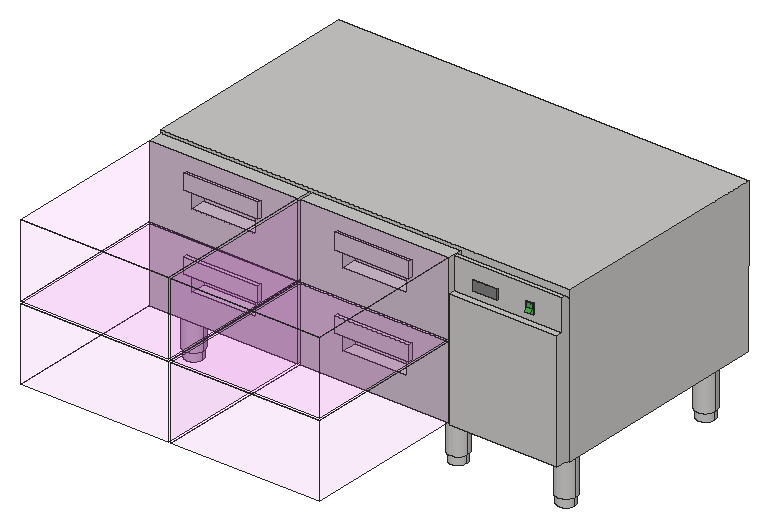
Revit family "QF_ELECTROLUXPROFESSIONAL_371295_E7TTBECOMIN", category Specialty Equipment, Revit 2023
Family settings
  Round Connector Dimension = Use Diameter
  Part Type = Normal
  Work Plane-Based = No
  Enable Cutting in Views = No
  Always vertical = Yes
  Cut with Voids When Loaded = No
  Maintain Annotation Orientation = No
  Shared = No
  Room Calculation Point = No
Parameters
  Weight = 95.00 kg
  Watts = 0 W
  Volts = 0 V
  URL Manufacturer = ""
  URL = ""
  Steam Supply Size = 0 mm
  Steam Supply Minimum Pressure = 0.0 Pa
  Steam Supply Maximum Pressure = 0.0 Pa
  Steam Pounds per Hour = 0
  Refrigeration Suction Line Size = 0 mm
  Refrigeration Liquid Line Size = 0 mm
  Refrigerant Compressor Remote = yes
  Manufacturer = ""
  Phase = 0
  Model = ""
  Length Actual = 1200 mm  # constant formula
  Item Number = ""
  Hot Water Size = 0 mm
  Height Actual = 600 mm  # constant formula
  HP = "0.5 HP"
  Gas Size = 0 mm
  Gas KW = 0
  Gas Input Pressure = 0 W
  Direct Waste Size = 12.7 mm
  Description = ""
  Depth Actual = 700 mm  # constant formula
  Default Elevation = 0 mm
  Cycle = 0 Hz
  Condensate Return Size = 0 mm
  Compressed Air Volume = 0.0 L/s
  Compressed Air Size = 0 mm
  Compressed Air Pressure = 0.0 Pa
  Cold Water Size = 0 mm
  Accessory = yes
Reference planes
  plane 1 "Center X": y = 0
  plane 2: z = 0
  plane 3 "Centro (Sinistra/Destra)": x = 0
  plane 4 "BACK": y = 350
  plane 5 "FRONT": y = -350
  plane 6 "LEFT": x = -600
  plane 7 "RIGHT": x = 600
  plane 8: y = -303
  plane 9: y = -348
  plane 10: x = -545
  plane 11: x = 545
  plane 12: x = 229
  plane 13: y = 262
  plane 14: y = -249
  plane 15: x = 286
  plane 16: x = -599
  plane 17: x = 599
  plane 18: y = 190
  plane 19: x = 558
  plane 20: z = 425
  plane 21: z = 422.5
  plane 22: z = 427.5
  plane 23: z = 150
  plane 24 "TOP": z = 600
Forms (mm)
  Extrusion 1, solid, material "QF_Finishes_Stainless Steel"
    sketch origin (0, 0, 650) x (-1, 0, 0) y (0, -1, 0)
      loop
        line (599, -350) -> (599, 303) -> (-599, 303) -> (-599, -350) -> (599, -350)
    from -500 to -50
  Extrusion 2, solid, material "QF_Finishes_Stainless Steel"
    sketch origin (0, 0, 0) x (1, 0, 0) y (0, 1, 0)
      loop
        circle (558, 190) r 6
    from 189.987 to 200
  Extrusion 3, solid, material "QF_Door-Drawer Clearances"
    sketch origin (200, -348, -50) x (1, 0, 0) y (0, 0, 1)
      loop
        line (-795, 640.994) -> (-795, 427.5) -> (-360.999, 427.5) -> (-360.999, 640.994) -> (-795, 640.994)
    from 0 to 473.5
  Extrusion 4, solid, material "QF_Door-Drawer Clearances"
    sketch origin (642.001, -342.999, -50) x (1, 0, 0) y (0, 0, 1)
      loop
        line (-795, 640.994) -> (-795, 427.5) -> (-360.999, 427.5) -> (-360.999, 640.994) -> (-795, 640.994)
    from 5.001 to 478.501
  Extrusion 5, solid, material "QF_Door-Drawer Clearances"
    sketch origin (200, -348, -268.494) x (1, 0, 0) y (0, 0, 1)
      loop
        line (-795, 640.994) -> (-795, 427.5) -> (-360.999, 427.5) -> (-360.999, 640.994) -> (-795, 640.994)
    from 0 to 473.5
  Extrusion 6, solid, material "QF_Door-Drawer Clearances"
    sketch origin (642.001, -342.999, -268.494) x (1, 0, 0) y (0, 0, 1)
      loop
        line (-795, 640.994) -> (-795, 427.5) -> (-360.999, 427.5) -> (-360.999, 640.994) -> (-795, 640.994)
    from 5.001 to 478.501
  Extrusion 7, solid, material "QF_Finishes_Stainless Steel"
    sketch origin (200, -342.999, -50) x (-1, 0, 0) y (0, 0, 1)
      loop
        line (795, 427.5) -> (795, 640.994) -> (360.999, 640.994) -> (360.999, 427.5) -> (795, 427.5)
      loop
        line (671.3, 506.706) -> (671.3, 585) -> (484.699, 585) -> (484.699, 506.706) -> (671.3, 506.706)
    from -5.001 to 39.999
  Extrusion 8, solid, material "QF_Finishes_Stainless Steel"
    sketch origin (598, 66.551, -50) x (0, 1, 0) y (0, 0, 1)
      loop
        line (-369.551, 629.527) -> (-386.314, 640.994) -> (-397.65, 640.994) -> (-397.65, 549.796) -> (-414.551, 549.796) -> (-414.551, 204.796) -> (-384.714, 204.796) -> (-374.993, 200) -> (-369.551, 200) -> (-369.551, 629.527)
    from 0 to -313
  Extrusion 9, solid, material "QF_Finishes_Black"
    sketch origin (582, -331.099, 580.994) x (0, 0, -1) y (1, 0, 0)
      loop
        line (32.198, -86.899) -> (61.199, -86.899) -> (61.199, -64.9) -> (32.198, -64.9) -> (32.198, -86.899)
    from 0 to 1.6
  Extrusion 10, solid, material "QF_Finishes_Grey"
    sketch origin (588, -331.099, 580.994) x (0, 0, -1) y (1, 0, 0)
      loop
        line (32.198, -248.099) -> (61.199, -248.099) -> (61.199, -178.099) -> (32.198, -178.099) -> (32.198, -248.099)
    from 0 to 1.6
  Extrusion 11, solid, material "QF_Finishes_Green"
    sketch origin (517.1, -331.099, 548.796) x (0, 0, -1) y (0, 1, 0)
      loop
        line (2.279, -3.281) -> (14.5, -3.281) -> (25.308, -8.985)
        arc (25.308, -8.985) -> (26.537, -5.394) -> (26.605, -1.6) r 12.221
        line (26.605, -1.6) -> (2.395, -1.6)
        arc (2.395, -1.6) -> (2.308, -2.439) -> (2.279, -3.281) r 12.221
    from -20 to -2
  Extrusion 12, solid, material "QF_Finishes_Stainless Steel"
    sketch origin (200, -348, -50) x (1, 0, 0) y (0, 0, 1)
      loop
        line (-686.3, 598.969) -> (-686.3, 553.969) -> (-469.699, 553.969) -> (-469.699, 598.969) -> (-686.3, 598.969)
    from 0 to 10
  Extrusion 13, solid, material "QF_Finishes_Stainless Steel"
    sketch origin (642.001, -342.999, -50) x (-1, 0, 0) y (0, 0, 1)
      loop
        line (795, 427.5) -> (795, 640.994) -> (360.999, 640.994) -> (360.999, 427.5) -> (795, 427.5)
      loop
        line (671.3, 506.706) -> (671.3, 585) -> (484.699, 585) -> (484.699, 506.706) -> (671.3, 506.706)
    from -5.001 to 39.999
  Extrusion 14, solid, material "QF_Finishes_Stainless Steel"
    sketch origin (642.001, -348, -50) x (1, 0, 0) y (0, 0, 1)
      loop
        line (-686.3, 598.969) -> (-686.3, 553.969) -> (-469.699, 553.969) -> (-469.699, 598.969) -> (-686.3, 598.969)
    from 0 to 10
  Extrusion 15, solid, material "QF_Finishes_Stainless Steel"
    sketch origin (200, -342.999, -268.494) x (-1, 0, 0) y (0, 0, 1)
      loop
        line (795, 427.5) -> (795, 640.994) -> (360.999, 640.994) -> (360.999, 427.5) -> (795, 427.5)
      loop
        line (671.3, 506.706) -> (671.3, 585) -> (484.699, 585) -> (484.699, 506.706) -> (671.3, 506.706)
    from -5.001 to 39.999
  Extrusion 16, solid, material "QF_Finishes_Stainless Steel"
    sketch origin (200, -348, -268.494) x (1, 0, 0) y (0, 0, 1)
      loop
        line (-686.3, 598.969) -> (-686.3, 553.969) -> (-469.699, 553.969) -> (-469.699, 598.969) -> (-686.3, 598.969)
    from 0 to 10
  Extrusion 17, solid, material "QF_Finishes_Stainless Steel"
    sketch origin (642.001, -342.999, -268.494) x (-1, 0, 0) y (0, 0, 1)
      loop
        line (795, 427.5) -> (795, 640.994) -> (360.999, 640.994) -> (360.999, 427.5) -> (795, 427.5)
      loop
        line (671.3, 506.706) -> (671.3, 585) -> (484.699, 585) -> (484.699, 506.706) -> (671.3, 506.706)
    from -5.001 to 39.999
  Extrusion 18, solid, material "QF_Finishes_Stainless Steel"
    sketch origin (642.001, -348, -268.494) x (1, 0, 0) y (0, 0, 1)
      loop
        line (-686.3, 598.969) -> (-686.3, 553.969) -> (-469.699, 553.969) -> (-469.699, 598.969) -> (-686.3, 598.969)
    from 0 to 10
Lines and regions (mm)
  Split face 1
    outline origin (588, -332.699, 580.994) x (0, 0, -1) y (1, 0, 0)
      loop
        line (37.198, -238.099) -> (52.198, -238.099) -> (52.198, -188.099) -> (37.198, -188.099) -> (37.198, -238.099)
  Split face 2
    outline origin (588, -332.699, 580.994) x (0, 0, -1) y (1, 0, 0)
      loop
        circle (44.698, -185.099) r 1.2
  Split face 3
    outline origin (588, -332.699, 580.994) x (0, 0, -1) y (1, 0, 0)
      loop
        circle (39.698, -185.099) r 1.2
  Split face 4
    outline origin (588, -332.699, 580.994) x (0, 0, -1) y (1, 0, 0)
      loop
        circle (49.698, -185.099) r 1.2
  Split face 5
    outline origin (588, -332.699, 580.994) x (0, 0, -1) y (1, 0, 0)
      loop
        circle (39.698, -241.099) r 1.2
  Split face 6
    outline origin (588, -332.699, 580.994) x (0, 0, -1) y (1, 0, 0)
      loop
        circle (44.698, -241.099) r 1.2
  Split face 7
    outline origin (588, -332.699, 580.994) x (0, 0, -1) y (1, 0, 0)
      loop
        circle (49.698, -241.099) r 1.2
  Split face 8
    outline origin (588, -332.699, 580.994) x (0, 0, -1) y (1, 0, 0)
      loop
        line (59.151, -238.099) -> (59.151, -227.099) -> (54.151, -227.099) -> (54.151, -238.099) -> (59.151, -238.099)
  Split face 9
    outline origin (588, -332.699, 580.994) x (0, 0, -1) y (1, 0, 0)
      loop
        line (54.151, -225.099) -> (59.151, -225.099) -> (59.151, -214.099) -> (54.151, -214.099) -> (54.151, -225.099)
  Split face 10
    outline origin (601, -332.699, 580.994) x (0, 0, -1) y (1, 0, 0)
      loop
        line (54.151, -225.099) -> (59.151, -225.099) -> (59.151, -214.099) -> (54.151, -214.099) -> (54.151, -225.099)
  Split face 11
    outline origin (614, -332.699, 580.994) x (0, 0, -1) y (1, 0, 0)
      loop
        line (54.151, -225.099) -> (59.151, -225.099) -> (59.151, -214.099) -> (54.151, -214.099) -> (54.151, -225.099)
  Split face 12
    outline origin (600.5, -348, 362.291) x (0, 0, -1) y (1, 0, 0)
      loop
        arc (-85.025, -282.599) -> (-81.004, -278.61) -> (-85.004, -274.599) r 4
        line (-85.004, -274.599) -> (-117.004, -274.599)
        arc (-117.004, -274.599) -> (-121.004, -278.61) -> (-116.984, -282.599) r 4
        line (-116.984, -282.599) -> (-85.025, -282.599)
  Split face 13
    outline origin (612.5, -348, 362.291) x (0, 0, -1) y (1, 0, 0)
      loop
        arc (-85.025, -282.599) -> (-81.004, -278.61) -> (-85.004, -274.599) r 4
        line (-85.004, -274.599) -> (-117.004, -274.599)
        arc (-117.004, -274.599) -> (-121.004, -278.61) -> (-116.984, -282.599) r 4
        line (-116.984, -282.599) -> (-85.025, -282.599)
  Split face 14
    outline origin (624.5, -348, 362.291) x (0, 0, -1) y (1, 0, 0)
      loop
        arc (-85.025, -282.599) -> (-81.004, -278.61) -> (-85.004, -274.599) r 4
        line (-85.004, -274.599) -> (-117.004, -274.599)
        arc (-117.004, -274.599) -> (-121.004, -278.61) -> (-116.984, -282.599) r 4
        line (-116.984, -282.599) -> (-85.025, -282.599)
  Split face 15
    outline origin (636.397, -348, 362.291) x (0, 0, -1) y (1, 0, 0)
      loop
        arc (-85.025, -282.599) -> (-81.004, -278.61) -> (-85.004, -274.599) r 4
        line (-85.004, -274.599) -> (-117.004, -274.599)
        arc (-117.004, -274.599) -> (-121.004, -278.61) -> (-116.984, -282.599) r 4
        line (-116.984, -282.599) -> (-85.025, -282.599)
  Split face 16
    outline origin (648.396, -348, 362.291) x (0, 0, -1) y (1, 0, 0)
      loop
        arc (-85.025, -282.599) -> (-81.004, -278.61) -> (-85.004, -274.599) r 4
        line (-85.004, -274.599) -> (-117.004, -274.599)
        arc (-117.004, -274.599) -> (-121.004, -278.61) -> (-116.984, -282.599) r 4
        line (-116.984, -282.599) -> (-85.025, -282.599)
  Split face 17
    outline origin (660.396, -348, 362.291) x (0, 0, -1) y (1, 0, 0)
      loop
        arc (-85.025, -282.599) -> (-81.004, -278.61) -> (-85.004, -274.599) r 4
        line (-85.004, -274.599) -> (-117.004, -274.599)
        arc (-117.004, -274.599) -> (-121.004, -278.61) -> (-116.984, -282.599) r 4
        line (-116.984, -282.599) -> (-85.025, -282.599)
  Split face 18
    outline origin (672.396, -348, 362.291) x (0, 0, -1) y (1, 0, 0)
      loop
        arc (-85.025, -282.599) -> (-81.004, -278.61) -> (-85.004, -274.599) r 4
        line (-85.004, -274.599) -> (-117.004, -274.599)
        arc (-117.004, -274.599) -> (-121.004, -278.61) -> (-116.984, -282.599) r 4
        line (-116.984, -282.599) -> (-85.025, -282.599)
  Split face 19
    outline origin (684.397, -348, 362.291) x (0, 0, -1) y (1, 0, 0)
      loop
        arc (-85.025, -282.599) -> (-81.004, -278.61) -> (-85.004, -274.599) r 4
        line (-85.004, -274.599) -> (-117.004, -274.599)
        arc (-117.004, -274.599) -> (-121.004, -278.61) -> (-116.984, -282.599) r 4
        line (-116.984, -282.599) -> (-85.025, -282.599)
  Split face 20
    outline origin (696.396, -348, 362.291) x (0, 0, -1) y (1, 0, 0)
      loop
        arc (-85.025, -282.599) -> (-81.004, -278.61) -> (-85.004, -274.599) r 4
        line (-85.004, -274.599) -> (-117.004, -274.599)
        arc (-117.004, -274.599) -> (-121.004, -278.61) -> (-116.984, -282.599) r 4
        line (-116.984, -282.599) -> (-85.025, -282.599)
  Split face 21
    outline origin (703.396, -348, 362.291) x (0, 0, -1) y (1, 0, 0)
      loop
        arc (-85.025, -242.399) -> (-81.004, -238.41) -> (-85.004, -234.4) r 4
        line (-85.004, -234.4) -> (-117.004, -234.4)
        arc (-117.004, -234.4) -> (-121.004, -238.41) -> (-116.984, -242.399) r 4
        line (-116.984, -242.399) -> (-85.025, -242.399)
  Split face 22
    outline origin (715.396, -348, 362.291) x (0, 0, -1) y (1, 0, 0)
      loop
        arc (-85.025, -242.399) -> (-81.004, -238.41) -> (-85.004, -234.4) r 4
        line (-85.004, -234.4) -> (-117.004, -234.4)
        arc (-117.004, -234.4) -> (-121.004, -238.41) -> (-116.984, -242.399) r 4
        line (-116.984, -242.399) -> (-85.025, -242.399)
  Split face 23
    outline origin (727.396, -348, 362.291) x (0, 0, -1) y (1, 0, 0)
      loop
        arc (-85.025, -242.399) -> (-81.004, -238.41) -> (-85.004, -234.4) r 4
        line (-85.004, -234.4) -> (-117.004, -234.4)
        arc (-117.004, -234.4) -> (-121.004, -238.41) -> (-116.984, -242.399) r 4
        line (-116.984, -242.399) -> (-85.025, -242.399)
  Split face 24
    outline origin (739.396, -348, 362.291) x (0, 0, -1) y (1, 0, 0)
      loop
        arc (-85.025, -242.399) -> (-81.004, -238.41) -> (-85.004, -234.4) r 4
        line (-85.004, -234.4) -> (-117.004, -234.4)
        arc (-117.004, -234.4) -> (-121.004, -238.41) -> (-116.984, -242.399) r 4
        line (-116.984, -242.399) -> (-85.025, -242.399)
  Split face 25
    outline origin (751.396, -348, 362.291) x (0, 0, -1) y (1, 0, 0)
      loop
        arc (-85.025, -242.399) -> (-81.004, -238.41) -> (-85.004, -234.4) r 4
        line (-85.004, -234.4) -> (-117.004, -234.4)
        arc (-117.004, -234.4) -> (-121.004, -238.41) -> (-116.984, -242.399) r 4
        line (-116.984, -242.399) -> (-85.025, -242.399)
  Split face 26
    outline origin (763.396, -348, 362.291) x (0, 0, -1) y (1, 0, 0)
      loop
        arc (-85.025, -242.399) -> (-81.004, -238.41) -> (-85.004, -234.4) r 4
        line (-85.004, -234.4) -> (-117.004, -234.4)
        arc (-117.004, -234.4) -> (-121.004, -238.41) -> (-116.984, -242.399) r 4
        line (-116.984, -242.399) -> (-85.025, -242.399)
  Split face 27
    outline origin (775.396, -348, 362.291) x (0, 0, -1) y (1, 0, 0)
      loop
        arc (-85.025, -242.399) -> (-81.004, -238.41) -> (-85.004, -234.4) r 4
        line (-85.004, -234.4) -> (-117.004, -234.4)
        arc (-117.004, -234.4) -> (-121.004, -238.41) -> (-116.984, -242.399) r 4
        line (-116.984, -242.399) -> (-85.025, -242.399)
  Split face 28
    outline origin (787.396, -348, 362.291) x (0, 0, -1) y (1, 0, 0)
      loop
        arc (-85.025, -242.399) -> (-81.004, -238.41) -> (-85.004, -234.4) r 4
        line (-85.004, -234.4) -> (-117.004, -234.4)
        arc (-117.004, -234.4) -> (-121.004, -238.41) -> (-116.984, -242.399) r 4
        line (-116.984, -242.399) -> (-85.025, -242.399)
  Split face 29
    outline origin (799.396, -348, 362.291) x (0, 0, -1) y (1, 0, 0)
      loop
        arc (-85.025, -242.399) -> (-81.004, -238.41) -> (-85.004, -234.4) r 4
        line (-85.004, -234.4) -> (-117.004, -234.4)
        arc (-117.004, -234.4) -> (-121.004, -238.41) -> (-116.984, -242.399) r 4
        line (-116.984, -242.399) -> (-85.025, -242.399)
  Split face 30
    outline origin (811.396, -348, 362.291) x (0, 0, -1) y (1, 0, 0)
      loop
        arc (-85.025, -242.399) -> (-81.004, -238.41) -> (-85.004, -234.4) r 4
        line (-85.004, -234.4) -> (-117.004, -234.4)
        arc (-117.004, -234.4) -> (-121.004, -238.41) -> (-116.984, -242.399) r 4
        line (-116.984, -242.399) -> (-85.025, -242.399)
  Split face 31
    outline origin (588.5, -348, 362.291) x (0, 0, -1) y (1, 0, 0)
      loop
        arc (-85.025, -282.599) -> (-81.004, -278.61) -> (-85.004, -274.599) r 4
        line (-85.004, -274.599) -> (-117.004, -274.599)
        arc (-117.004, -274.599) -> (-121.004, -278.61) -> (-116.984, -282.599) r 4
        line (-116.984, -282.599) -> (-85.025, -282.599)
  Split face 32
    outline origin (600.5, -348, 317.29) x (0, 0, -1) y (1, 0, 0)
      loop
        arc (-85.025, -282.599) -> (-81.004, -278.61) -> (-85.004, -274.599) r 4
        line (-85.004, -274.599) -> (-117.004, -274.599)
        arc (-117.004, -274.599) -> (-121.004, -278.61) -> (-116.984, -282.599) r 4
        line (-116.984, -282.599) -> (-85.025, -282.599)
  Split face 33
    outline origin (612.5, -348, 317.29) x (0, 0, -1) y (1, 0, 0)
      loop
        arc (-85.025, -282.599) -> (-81.004, -278.61) -> (-85.004, -274.599) r 4
        line (-85.004, -274.599) -> (-117.004, -274.599)
        arc (-117.004, -274.599) -> (-121.004, -278.61) -> (-116.984, -282.599) r 4
        line (-116.984, -282.599) -> (-85.025, -282.599)
  Split face 34
    outline origin (624.5, -348, 317.29) x (0, 0, -1) y (1, 0, 0)
      loop
        arc (-85.025, -282.599) -> (-81.004, -278.61) -> (-85.004, -274.599) r 4
        line (-85.004, -274.599) -> (-117.004, -274.599)
        arc (-117.004, -274.599) -> (-121.004, -278.61) -> (-116.984, -282.599) r 4
        line (-116.984, -282.599) -> (-85.025, -282.599)
  Split face 35
    outline origin (636.397, -348, 317.29) x (0, 0, -1) y (1, 0, 0)
      loop
        arc (-85.025, -282.599) -> (-81.004, -278.61) -> (-85.004, -274.599) r 4
        line (-85.004, -274.599) -> (-117.004, -274.599)
        arc (-117.004, -274.599) -> (-121.004, -278.61) -> (-116.984, -282.599) r 4
        line (-116.984, -282.599) -> (-85.025, -282.599)
  Split face 36
    outline origin (648.396, -348, 317.29) x (0, 0, -1) y (1, 0, 0)
      loop
        arc (-85.025, -282.599) -> (-81.004, -278.61) -> (-85.004, -274.599) r 4
        line (-85.004, -274.599) -> (-117.004, -274.599)
        arc (-117.004, -274.599) -> (-121.004, -278.61) -> (-116.984, -282.599) r 4
        line (-116.984, -282.599) -> (-85.025, -282.599)
  Split face 37
    outline origin (660.396, -348, 317.29) x (0, 0, -1) y (1, 0, 0)
      loop
        arc (-85.025, -282.599) -> (-81.004, -278.61) -> (-85.004, -274.599) r 4
        line (-85.004, -274.599) -> (-117.004, -274.599)
        arc (-117.004, -274.599) -> (-121.004, -278.61) -> (-116.984, -282.599) r 4
        line (-116.984, -282.599) -> (-85.025, -282.599)
  Split face 38
    outline origin (672.396, -348, 317.29) x (0, 0, -1) y (1, 0, 0)
      loop
        arc (-85.025, -282.599) -> (-81.004, -278.61) -> (-85.004, -274.599) r 4
        line (-85.004, -274.599) -> (-117.004, -274.599)
        arc (-117.004, -274.599) -> (-121.004, -278.61) -> (-116.984, -282.599) r 4
        line (-116.984, -282.599) -> (-85.025, -282.599)
  Split face 39
    outline origin (684.397, -348, 317.29) x (0, 0, -1) y (1, 0, 0)
      loop
        arc (-85.025, -282.599) -> (-81.004, -278.61) -> (-85.004, -274.599) r 4
        line (-85.004, -274.599) -> (-117.004, -274.599)
        arc (-117.004, -274.599) -> (-121.004, -278.61) -> (-116.984, -282.599) r 4
        line (-116.984, -282.599) -> (-85.025, -282.599)
  Split face 40
    outline origin (696.396, -348, 317.29) x (0, 0, -1) y (1, 0, 0)
      loop
        arc (-85.025, -282.599) -> (-81.004, -278.61) -> (-85.004, -274.599) r 4
        line (-85.004, -274.599) -> (-117.004, -274.599)
        arc (-117.004, -274.599) -> (-121.004, -278.61) -> (-116.984, -282.599) r 4
        line (-116.984, -282.599) -> (-85.025, -282.599)
  Split face 41
    outline origin (703.396, -348, 317.29) x (0, 0, -1) y (1, 0, 0)
      loop
        arc (-85.025, -242.399) -> (-81.004, -238.41) -> (-85.004, -234.4) r 4
        line (-85.004, -234.4) -> (-117.004, -234.4)
        arc (-117.004, -234.4) -> (-121.004, -238.41) -> (-116.984, -242.399) r 4
        line (-116.984, -242.399) -> (-85.025, -242.399)
  Split face 42
    outline origin (715.396, -348, 317.29) x (0, 0, -1) y (1, 0, 0)
      loop
        arc (-85.025, -242.399) -> (-81.004, -238.41) -> (-85.004, -234.4) r 4
        line (-85.004, -234.4) -> (-117.004, -234.4)
        arc (-117.004, -234.4) -> (-121.004, -238.41) -> (-116.984, -242.399) r 4
        line (-116.984, -242.399) -> (-85.025, -242.399)
  Split face 43
    outline origin (727.396, -348, 317.29) x (0, 0, -1) y (1, 0, 0)
      loop
        arc (-85.025, -242.399) -> (-81.004, -238.41) -> (-85.004, -234.4) r 4
        line (-85.004, -234.4) -> (-117.004, -234.4)
        arc (-117.004, -234.4) -> (-121.004, -238.41) -> (-116.984, -242.399) r 4
        line (-116.984, -242.399) -> (-85.025, -242.399)
  Split face 44
    outline origin (739.396, -348, 317.29) x (0, 0, -1) y (1, 0, 0)
      loop
        arc (-85.025, -242.399) -> (-81.004, -238.41) -> (-85.004, -234.4) r 4
        line (-85.004, -234.4) -> (-117.004, -234.4)
        arc (-117.004, -234.4) -> (-121.004, -238.41) -> (-116.984, -242.399) r 4
        line (-116.984, -242.399) -> (-85.025, -242.399)
  Split face 45
    outline origin (751.396, -348, 317.29) x (0, 0, -1) y (1, 0, 0)
      loop
        arc (-85.025, -242.399) -> (-81.004, -238.41) -> (-85.004, -234.4) r 4
        line (-85.004, -234.4) -> (-117.004, -234.4)
        arc (-117.004, -234.4) -> (-121.004, -238.41) -> (-116.984, -242.399) r 4
        line (-116.984, -242.399) -> (-85.025, -242.399)
  Split face 46
    outline origin (763.396, -348, 317.29) x (0, 0, -1) y (1, 0, 0)
      loop
        arc (-85.025, -242.399) -> (-81.004, -238.41) -> (-85.004, -234.4) r 4
        line (-85.004, -234.4) -> (-117.004, -234.4)
        arc (-117.004, -234.4) -> (-121.004, -238.41) -> (-116.984, -242.399) r 4
        line (-116.984, -242.399) -> (-85.025, -242.399)
  Split face 47
    outline origin (775.396, -348, 317.29) x (0, 0, -1) y (1, 0, 0)
      loop
        arc (-85.025, -242.399) -> (-81.004, -238.41) -> (-85.004, -234.4) r 4
        line (-85.004, -234.4) -> (-117.004, -234.4)
        arc (-117.004, -234.4) -> (-121.004, -238.41) -> (-116.984, -242.399) r 4
        line (-116.984, -242.399) -> (-85.025, -242.399)
  Split face 48
    outline origin (787.396, -348, 317.29) x (0, 0, -1) y (1, 0, 0)
      loop
        arc (-85.025, -242.399) -> (-81.004, -238.41) -> (-85.004, -234.4) r 4
        line (-85.004, -234.4) -> (-117.004, -234.4)
        arc (-117.004, -234.4) -> (-121.004, -238.41) -> (-116.984, -242.399) r 4
        line (-116.984, -242.399) -> (-85.025, -242.399)
  Split face 49
    outline origin (799.396, -348, 317.29) x (0, 0, -1) y (1, 0, 0)
      loop
        arc (-85.025, -242.399) -> (-81.004, -238.41) -> (-85.004, -234.4) r 4
        line (-85.004, -234.4) -> (-117.004, -234.4)
        arc (-117.004, -234.4) -> (-121.004, -238.41) -> (-116.984, -242.399) r 4
        line (-116.984, -242.399) -> (-85.025, -242.399)
  Split face 50
    outline origin (811.396, -348, 317.29) x (0, 0, -1) y (1, 0, 0)
      loop
        arc (-85.025, -242.399) -> (-81.004, -238.41) -> (-85.004, -234.4) r 4
        line (-85.004, -234.4) -> (-117.004, -234.4)
        arc (-117.004, -234.4) -> (-121.004, -238.41) -> (-116.984, -242.399) r 4
        line (-116.984, -242.399) -> (-85.025, -242.399)
  Split face 51
    outline origin (588.5, -348, 317.29) x (0, 0, -1) y (1, 0, 0)
      loop
        arc (-85.025, -282.599) -> (-81.004, -278.61) -> (-85.004, -274.599) r 4
        line (-85.004, -274.599) -> (-117.004, -274.599)
        arc (-117.004, -274.599) -> (-121.004, -278.61) -> (-116.984, -282.599) r 4
        line (-116.984, -282.599) -> (-85.025, -282.599)
  Split face 52
    outline origin (600.5, -348, 272.29) x (0, 0, -1) y (1, 0, 0)
      loop
        arc (-85.025, -282.599) -> (-81.004, -278.61) -> (-85.004, -274.599) r 4
        line (-85.004, -274.599) -> (-117.004, -274.599)
        arc (-117.004, -274.599) -> (-121.004, -278.61) -> (-116.984, -282.599) r 4
        line (-116.984, -282.599) -> (-85.025, -282.599)
  Split face 53
    outline origin (612.5, -348, 272.29) x (0, 0, -1) y (1, 0, 0)
      loop
        arc (-85.025, -282.599) -> (-81.004, -278.61) -> (-85.004, -274.599) r 4
        line (-85.004, -274.599) -> (-117.004, -274.599)
        arc (-117.004, -274.599) -> (-121.004, -278.61) -> (-116.984, -282.599) r 4
        line (-116.984, -282.599) -> (-85.025, -282.599)
  Split face 54
    outline origin (624.5, -348, 272.29) x (0, 0, -1) y (1, 0, 0)
      loop
        arc (-85.025, -282.599) -> (-81.004, -278.61) -> (-85.004, -274.599) r 4
        line (-85.004, -274.599) -> (-117.004, -274.599)
        arc (-117.004, -274.599) -> (-121.004, -278.61) -> (-116.984, -282.599) r 4
        line (-116.984, -282.599) -> (-85.025, -282.599)
  Split face 55
    outline origin (636.397, -348, 272.29) x (0, 0, -1) y (1, 0, 0)
      loop
        arc (-85.025, -282.599) -> (-81.004, -278.61) -> (-85.004, -274.599) r 4
        line (-85.004, -274.599) -> (-117.004, -274.599)
        arc (-117.004, -274.599) -> (-121.004, -278.61) -> (-116.984, -282.599) r 4
        line (-116.984, -282.599) -> (-85.025, -282.599)
  Split face 56
    outline origin (648.396, -348, 272.29) x (0, 0, -1) y (1, 0, 0)
      loop
        arc (-85.025, -282.599) -> (-81.004, -278.61) -> (-85.004, -274.599) r 4
        line (-85.004, -274.599) -> (-117.004, -274.599)
        arc (-117.004, -274.599) -> (-121.004, -278.61) -> (-116.984, -282.599) r 4
        line (-116.984, -282.599) -> (-85.025, -282.599)
  Split face 57
    outline origin (660.396, -348, 272.29) x (0, 0, -1) y (1, 0, 0)
      loop
        arc (-85.025, -282.599) -> (-81.004, -278.61) -> (-85.004, -274.599) r 4
        line (-85.004, -274.599) -> (-117.004, -274.599)
        arc (-117.004, -274.599) -> (-121.004, -278.61) -> (-116.984, -282.599) r 4
        line (-116.984, -282.599) -> (-85.025, -282.599)
  Split face 58
    outline origin (672.396, -348, 272.29) x (0, 0, -1) y (1, 0, 0)
      loop
        arc (-85.025, -282.599) -> (-81.004, -278.61) -> (-85.004, -274.599) r 4
        line (-85.004, -274.599) -> (-117.004, -274.599)
        arc (-117.004, -274.599) -> (-121.004, -278.61) -> (-116.984, -282.599) r 4
        line (-116.984, -282.599) -> (-85.025, -282.599)
  Split face 59
    outline origin (684.397, -348, 272.29) x (0, 0, -1) y (1, 0, 0)
      loop
        arc (-85.025, -282.599) -> (-81.004, -278.61) -> (-85.004, -274.599) r 4
        line (-85.004, -274.599) -> (-117.004, -274.599)
        arc (-117.004, -274.599) -> (-121.004, -278.61) -> (-116.984, -282.599) r 4
        line (-116.984, -282.599) -> (-85.025, -282.599)
  Split face 60
    outline origin (696.396, -348, 272.29) x (0, 0, -1) y (1, 0, 0)
      loop
        arc (-85.025, -282.599) -> (-81.004, -278.61) -> (-85.004, -274.599) r 4
        line (-85.004, -274.599) -> (-117.004, -274.599)
        arc (-117.004, -274.599) -> (-121.004, -278.61) -> (-116.984, -282.599) r 4
        line (-116.984, -282.599) -> (-85.025, -282.599)
  Split face 61
    outline origin (703.396, -348, 272.29) x (0, 0, -1) y (1, 0, 0)
      loop
        arc (-85.025, -242.399) -> (-81.004, -238.41) -> (-85.004, -234.4) r 4
        line (-85.004, -234.4) -> (-117.004, -234.4)
        arc (-117.004, -234.4) -> (-121.004, -238.41) -> (-116.984, -242.399) r 4
        line (-116.984, -242.399) -> (-85.025, -242.399)
  Split face 62
    outline origin (715.396, -348, 272.29) x (0, 0, -1) y (1, 0, 0)
      loop
        arc (-85.025, -242.399) -> (-81.004, -238.41) -> (-85.004, -234.4) r 4
        line (-85.004, -234.4) -> (-117.004, -234.4)
        arc (-117.004, -234.4) -> (-121.004, -238.41) -> (-116.984, -242.399) r 4
        line (-116.984, -242.399) -> (-85.025, -242.399)
  Split face 63
    outline origin (727.396, -348, 272.29) x (0, 0, -1) y (1, 0, 0)
      loop
        arc (-85.025, -242.399) -> (-81.004, -238.41) -> (-85.004, -234.4) r 4
        line (-85.004, -234.4) -> (-117.004, -234.4)
        arc (-117.004, -234.4) -> (-121.004, -238.41) -> (-116.984, -242.399) r 4
        line (-116.984, -242.399) -> (-85.025, -242.399)
  Split face 64
    outline origin (739.396, -348, 272.29) x (0, 0, -1) y (1, 0, 0)
      loop
        arc (-85.025, -242.399) -> (-81.004, -238.41) -> (-85.004, -234.4) r 4
        line (-85.004, -234.4) -> (-117.004, -234.4)
        arc (-117.004, -234.4) -> (-121.004, -238.41) -> (-116.984, -242.399) r 4
        line (-116.984, -242.399) -> (-85.025, -242.399)
  Split face 65
    outline origin (751.396, -348, 272.29) x (0, 0, -1) y (1, 0, 0)
      loop
        arc (-85.025, -242.399) -> (-81.004, -238.41) -> (-85.004, -234.4) r 4
        line (-85.004, -234.4) -> (-117.004, -234.4)
        arc (-117.004, -234.4) -> (-121.004, -238.41) -> (-116.984, -242.399) r 4
        line (-116.984, -242.399) -> (-85.025, -242.399)
  Split face 66
    outline origin (763.396, -348, 272.29) x (0, 0, -1) y (1, 0, 0)
      loop
        arc (-85.025, -242.399) -> (-81.004, -238.41) -> (-85.004, -234.4) r 4
        line (-85.004, -234.4) -> (-117.004, -234.4)
        arc (-117.004, -234.4) -> (-121.004, -238.41) -> (-116.984, -242.399) r 4
        line (-116.984, -242.399) -> (-85.025, -242.399)
  Split face 67
    outline origin (775.396, -348, 272.29) x (0, 0, -1) y (1, 0, 0)
      loop
        arc (-85.025, -242.399) -> (-81.004, -238.41) -> (-85.004, -234.4) r 4
        line (-85.004, -234.4) -> (-117.004, -234.4)
        arc (-117.004, -234.4) -> (-121.004, -238.41) -> (-116.984, -242.399) r 4
        line (-116.984, -242.399) -> (-85.025, -242.399)
  Split face 68
    outline origin (787.396, -348, 272.29) x (0, 0, -1) y (1, 0, 0)
      loop
        arc (-85.025, -242.399) -> (-81.004, -238.41) -> (-85.004, -234.4) r 4
        line (-85.004, -234.4) -> (-117.004, -234.4)
        arc (-117.004, -234.4) -> (-121.004, -238.41) -> (-116.984, -242.399) r 4
        line (-116.984, -242.399) -> (-85.025, -242.399)
  Split face 69
    outline origin (799.396, -348, 272.29) x (0, 0, -1) y (1, 0, 0)
      loop
        arc (-85.025, -242.399) -> (-81.004, -238.41) -> (-85.004, -234.4) r 4
        line (-85.004, -234.4) -> (-117.004, -234.4)
        arc (-117.004, -234.4) -> (-121.004, -238.41) -> (-116.984, -242.399) r 4
        line (-116.984, -242.399) -> (-85.025, -242.399)
  Split face 70
    outline origin (811.396, -348, 272.29) x (0, 0, -1) y (1, 0, 0)
      loop
        arc (-85.025, -242.399) -> (-81.004, -238.41) -> (-85.004, -234.4) r 4
        line (-85.004, -234.4) -> (-117.004, -234.4)
        arc (-117.004, -234.4) -> (-121.004, -238.41) -> (-116.984, -242.399) r 4
        line (-116.984, -242.399) -> (-85.025, -242.399)
  Split face 71
    outline origin (588.5, -348, 272.29) x (0, 0, -1) y (1, 0, 0)
      loop
        arc (-85.025, -282.599) -> (-81.004, -278.61) -> (-85.004, -274.599) r 4
        line (-85.004, -274.599) -> (-117.004, -274.599)
        arc (-117.004, -274.599) -> (-121.004, -278.61) -> (-116.984, -282.599) r 4
        line (-116.984, -282.599) -> (-85.025, -282.599)
  Split face 72
    outline origin (600.5, -348, 227.29) x (0, 0, -1) y (1, 0, 0)
      loop
        arc (-85.025, -282.599) -> (-81.004, -278.61) -> (-85.004, -274.599) r 4
        line (-85.004, -274.599) -> (-117.004, -274.599)
        arc (-117.004, -274.599) -> (-121.004, -278.61) -> (-116.984, -282.599) r 4
        line (-116.984, -282.599) -> (-85.025, -282.599)
  Split face 73
    outline origin (612.5, -348, 227.29) x (0, 0, -1) y (1, 0, 0)
      loop
        arc (-85.025, -282.599) -> (-81.004, -278.61) -> (-85.004, -274.599) r 4
        line (-85.004, -274.599) -> (-117.004, -274.599)
        arc (-117.004, -274.599) -> (-121.004, -278.61) -> (-116.984, -282.599) r 4
        line (-116.984, -282.599) -> (-85.025, -282.599)
  Split face 74
    outline origin (624.5, -348, 227.29) x (0, 0, -1) y (1, 0, 0)
      loop
        arc (-85.025, -282.599) -> (-81.004, -278.61) -> (-85.004, -274.599) r 4
        line (-85.004, -274.599) -> (-117.004, -274.599)
        arc (-117.004, -274.599) -> (-121.004, -278.61) -> (-116.984, -282.599) r 4
        line (-116.984, -282.599) -> (-85.025, -282.599)
  Split face 75
    outline origin (636.397, -348, 227.29) x (0, 0, -1) y (1, 0, 0)
      loop
        arc (-85.025, -282.599) -> (-81.004, -278.61) -> (-85.004, -274.599) r 4
        line (-85.004, -274.599) -> (-117.004, -274.599)
        arc (-117.004, -274.599) -> (-121.004, -278.61) -> (-116.984, -282.599) r 4
        line (-116.984, -282.599) -> (-85.025, -282.599)
  Split face 76
    outline origin (648.396, -348, 227.29) x (0, 0, -1) y (1, 0, 0)
      loop
        arc (-85.025, -282.599) -> (-81.004, -278.61) -> (-85.004, -274.599) r 4
        line (-85.004, -274.599) -> (-117.004, -274.599)
        arc (-117.004, -274.599) -> (-121.004, -278.61) -> (-116.984, -282.599) r 4
        line (-116.984, -282.599) -> (-85.025, -282.599)
  Split face 77
    outline origin (660.396, -348, 227.29) x (0, 0, -1) y (1, 0, 0)
      loop
        arc (-85.025, -282.599) -> (-81.004, -278.61) -> (-85.004, -274.599) r 4
        line (-85.004, -274.599) -> (-117.004, -274.599)
        arc (-117.004, -274.599) -> (-121.004, -278.61) -> (-116.984, -282.599) r 4
        line (-116.984, -282.599) -> (-85.025, -282.599)
  Split face 78
    outline origin (672.396, -348, 227.29) x (0, 0, -1) y (1, 0, 0)
      loop
        arc (-85.025, -282.599) -> (-81.004, -278.61) -> (-85.004, -274.599) r 4
        line (-85.004, -274.599) -> (-117.004, -274.599)
        arc (-117.004, -274.599) -> (-121.004, -278.61) -> (-116.984, -282.599) r 4
        line (-116.984, -282.599) -> (-85.025, -282.599)
  Split face 79
    outline origin (684.397, -348, 227.29) x (0, 0, -1) y (1, 0, 0)
      loop
        arc (-85.025, -282.599) -> (-81.004, -278.61) -> (-85.004, -274.599) r 4
        line (-85.004, -274.599) -> (-117.004, -274.599)
        arc (-117.004, -274.599) -> (-121.004, -278.61) -> (-116.984, -282.599) r 4
        line (-116.984, -282.599) -> (-85.025, -282.599)
  Split face 80
    outline origin (696.396, -348, 227.29) x (0, 0, -1) y (1, 0, 0)
      loop
        arc (-85.025, -282.599) -> (-81.004, -278.61) -> (-85.004, -274.599) r 4
        line (-85.004, -274.599) -> (-117.004, -274.599)
        arc (-117.004, -274.599) -> (-121.004, -278.61) -> (-116.984, -282.599) r 4
        line (-116.984, -282.599) -> (-85.025, -282.599)
  Split face 81
    outline origin (703.396, -348, 227.29) x (0, 0, -1) y (1, 0, 0)
      loop
        arc (-85.025, -242.399) -> (-81.004, -238.41) -> (-85.004, -234.4) r 4
        line (-85.004, -234.4) -> (-117.004, -234.4)
        arc (-117.004, -234.4) -> (-121.004, -238.41) -> (-116.984, -242.399) r 4
        line (-116.984, -242.399) -> (-85.025, -242.399)
  Split face 82
    outline origin (715.396, -348, 227.29) x (0, 0, -1) y (1, 0, 0)
      loop
        arc (-85.025, -242.399) -> (-81.004, -238.41) -> (-85.004, -234.4) r 4
        line (-85.004, -234.4) -> (-117.004, -234.4)
        arc (-117.004, -234.4) -> (-121.004, -238.41) -> (-116.984, -242.399) r 4
        line (-116.984, -242.399) -> (-85.025, -242.399)
  Split face 83
    outline origin (727.396, -348, 227.29) x (0, 0, -1) y (1, 0, 0)
      loop
        arc (-85.025, -242.399) -> (-81.004, -238.41) -> (-85.004, -234.4) r 4
        line (-85.004, -234.4) -> (-117.004, -234.4)
        arc (-117.004, -234.4) -> (-121.004, -238.41) -> (-116.984, -242.399) r 4
        line (-116.984, -242.399) -> (-85.025, -242.399)
  Split face 84
    outline origin (739.396, -348, 227.29) x (0, 0, -1) y (1, 0, 0)
      loop
        arc (-85.025, -242.399) -> (-81.004, -238.41) -> (-85.004, -234.4) r 4
        line (-85.004, -234.4) -> (-117.004, -234.4)
        arc (-117.004, -234.4) -> (-121.004, -238.41) -> (-116.984, -242.399) r 4
        line (-116.984, -242.399) -> (-85.025, -242.399)
  Split face 85
    outline origin (751.396, -348, 227.29) x (0, 0, -1) y (1, 0, 0)
      loop
        arc (-85.025, -242.399) -> (-81.004, -238.41) -> (-85.004, -234.4) r 4
        line (-85.004, -234.4) -> (-117.004, -234.4)
        arc (-117.004, -234.4) -> (-121.004, -238.41) -> (-116.984, -242.399) r 4
        line (-116.984, -242.399) -> (-85.025, -242.399)
  Split face 86
    outline origin (763.396, -348, 227.29) x (0, 0, -1) y (1, 0, 0)
      loop
        arc (-85.025, -242.399) -> (-81.004, -238.41) -> (-85.004, -234.4) r 4
        line (-85.004, -234.4) -> (-117.004, -234.4)
        arc (-117.004, -234.4) -> (-121.004, -238.41) -> (-116.984, -242.399) r 4
        line (-116.984, -242.399) -> (-85.025, -242.399)
  Split face 87
    outline origin (775.396, -348, 227.29) x (0, 0, -1) y (1, 0, 0)
      loop
        arc (-85.025, -242.399) -> (-81.004, -238.41) -> (-85.004, -234.4) r 4
        line (-85.004, -234.4) -> (-117.004, -234.4)
        arc (-117.004, -234.4) -> (-121.004, -238.41) -> (-116.984, -242.399) r 4
        line (-116.984, -242.399) -> (-85.025, -242.399)
  Split face 88
    outline origin (787.396, -348, 227.29) x (0, 0, -1) y (1, 0, 0)
      loop
        arc (-85.025, -242.399) -> (-81.004, -238.41) -> (-85.004, -234.4) r 4
        line (-85.004, -234.4) -> (-117.004, -234.4)
        arc (-117.004, -234.4) -> (-121.004, -238.41) -> (-116.984, -242.399) r 4
        line (-116.984, -242.399) -> (-85.025, -242.399)
  Split face 89
    outline origin (799.396, -348, 227.29) x (0, 0, -1) y (1, 0, 0)
      loop
        arc (-85.025, -242.399) -> (-81.004, -238.41) -> (-85.004, -234.4) r 4
        line (-85.004, -234.4) -> (-117.004, -234.4)
        arc (-117.004, -234.4) -> (-121.004, -238.41) -> (-116.984, -242.399) r 4
        line (-116.984, -242.399) -> (-85.025, -242.399)
  Split face 90
    outline origin (811.396, -348, 227.29) x (0, 0, -1) y (1, 0, 0)
      loop
        arc (-85.025, -242.399) -> (-81.004, -238.41) -> (-85.004, -234.4) r 4
        line (-85.004, -234.4) -> (-117.004, -234.4)
        arc (-117.004, -234.4) -> (-121.004, -238.41) -> (-116.984, -242.399) r 4
        line (-116.984, -242.399) -> (-85.025, -242.399)
  Split face 91
    outline origin (588.5, -348, 227.29) x (0, 0, -1) y (1, 0, 0)
      loop
        arc (-85.025, -282.599) -> (-81.004, -278.61) -> (-85.004, -274.599) r 4
        line (-85.004, -274.599) -> (-117.004, -274.599)
        arc (-117.004, -274.599) -> (-121.004, -278.61) -> (-116.984, -282.599) r 4
        line (-116.984, -282.599) -> (-85.025, -282.599)
  Split face 92
    outline origin (600.5, -348, 182.29) x (0, 0, -1) y (1, 0, 0)
      loop
        arc (-85.025, -282.599) -> (-81.004, -278.61) -> (-85.004, -274.599) r 4
        line (-85.004, -274.599) -> (-117.004, -274.599)
        arc (-117.004, -274.599) -> (-121.004, -278.61) -> (-116.984, -282.599) r 4
        line (-116.984, -282.599) -> (-85.025, -282.599)
  Split face 93
    outline origin (612.5, -348, 182.29) x (0, 0, -1) y (1, 0, 0)
      loop
        arc (-85.025, -282.599) -> (-81.004, -278.61) -> (-85.004, -274.599) r 4
        line (-85.004, -274.599) -> (-117.004, -274.599)
        arc (-117.004, -274.599) -> (-121.004, -278.61) -> (-116.984, -282.599) r 4
        line (-116.984, -282.599) -> (-85.025, -282.599)
  Split face 94
    outline origin (624.5, -348, 182.29) x (0, 0, -1) y (1, 0, 0)
      loop
        arc (-85.025, -282.599) -> (-81.004, -278.61) -> (-85.004, -274.599) r 4
        line (-85.004, -274.599) -> (-117.004, -274.599)
        arc (-117.004, -274.599) -> (-121.004, -278.61) -> (-116.984, -282.599) r 4
        line (-116.984, -282.599) -> (-85.025, -282.599)
  Split face 95
    outline origin (636.397, -348, 182.29) x (0, 0, -1) y (1, 0, 0)
      loop
        arc (-85.025, -282.599) -> (-81.004, -278.61) -> (-85.004, -274.599) r 4
        line (-85.004, -274.599) -> (-117.004, -274.599)
        arc (-117.004, -274.599) -> (-121.004, -278.61) -> (-116.984, -282.599) r 4
        line (-116.984, -282.599) -> (-85.025, -282.599)
  Split face 96
    outline origin (648.396, -348, 182.29) x (0, 0, -1) y (1, 0, 0)
      loop
        arc (-85.025, -282.599) -> (-81.004, -278.61) -> (-85.004, -274.599) r 4
        line (-85.004, -274.599) -> (-117.004, -274.599)
        arc (-117.004, -274.599) -> (-121.004, -278.61) -> (-116.984, -282.599) r 4
        line (-116.984, -282.599) -> (-85.025, -282.599)
  Split face 97
    outline origin (660.396, -348, 182.29) x (0, 0, -1) y (1, 0, 0)
      loop
        arc (-85.025, -282.599) -> (-81.004, -278.61) -> (-85.004, -274.599) r 4
        line (-85.004, -274.599) -> (-117.004, -274.599)
        arc (-117.004, -274.599) -> (-121.004, -278.61) -> (-116.984, -282.599) r 4
        line (-116.984, -282.599) -> (-85.025, -282.599)
  Split face 98
    outline origin (672.396, -348, 182.29) x (0, 0, -1) y (1, 0, 0)
      loop
        arc (-85.025, -282.599) -> (-81.004, -278.61) -> (-85.004, -274.599) r 4
        line (-85.004, -274.599) -> (-117.004, -274.599)
        arc (-117.004, -274.599) -> (-121.004, -278.61) -> (-116.984, -282.599) r 4
        line (-116.984, -282.599) -> (-85.025, -282.599)
  Split face 99
    outline origin (684.397, -348, 182.29) x (0, 0, -1) y (1, 0, 0)
      loop
        arc (-85.025, -282.599) -> (-81.004, -278.61) -> (-85.004, -274.599) r 4
        line (-85.004, -274.599) -> (-117.004, -274.599)
        arc (-117.004, -274.599) -> (-121.004, -278.61) -> (-116.984, -282.599) r 4
        line (-116.984, -282.599) -> (-85.025, -282.599)
  Split face 100
    outline origin (696.396, -348, 182.29) x (0, 0, -1) y (1, 0, 0)
      loop
        arc (-85.025, -282.599) -> (-81.004, -278.61) -> (-85.004, -274.599) r 4
        line (-85.004, -274.599) -> (-117.004, -274.599)
        arc (-117.004, -274.599) -> (-121.004, -278.61) -> (-116.984, -282.599) r 4
        line (-116.984, -282.599) -> (-85.025, -282.599)
  Split face 101
    outline origin (703.396, -348, 182.29) x (0, 0, -1) y (1, 0, 0)
      loop
        arc (-85.025, -242.399) -> (-81.004, -238.41) -> (-85.004, -234.4) r 4
        line (-85.004, -234.4) -> (-117.004, -234.4)
        arc (-117.004, -234.4) -> (-121.004, -238.41) -> (-116.984, -242.399) r 4
        line (-116.984, -242.399) -> (-85.025, -242.399)
  Split face 102
    outline origin (715.396, -348, 182.29) x (0, 0, -1) y (1, 0, 0)
      loop
        arc (-85.025, -242.399) -> (-81.004, -238.41) -> (-85.004, -234.4) r 4
        line (-85.004, -234.4) -> (-117.004, -234.4)
        arc (-117.004, -234.4) -> (-121.004, -238.41) -> (-116.984, -242.399) r 4
        line (-116.984, -242.399) -> (-85.025, -242.399)
  Split face 103
    outline origin (727.396, -348, 182.29) x (0, 0, -1) y (1, 0, 0)
      loop
        arc (-85.025, -242.399) -> (-81.004, -238.41) -> (-85.004, -234.4) r 4
        line (-85.004, -234.4) -> (-117.004, -234.4)
        arc (-117.004, -234.4) -> (-121.004, -238.41) -> (-116.984, -242.399) r 4
        line (-116.984, -242.399) -> (-85.025, -242.399)
  Split face 104
    outline origin (739.396, -348, 182.29) x (0, 0, -1) y (1, 0, 0)
      loop
        arc (-85.025, -242.399) -> (-81.004, -238.41) -> (-85.004, -234.4) r 4
        line (-85.004, -234.4) -> (-117.004, -234.4)
        arc (-117.004, -234.4) -> (-121.004, -238.41) -> (-116.984, -242.399) r 4
        line (-116.984, -242.399) -> (-85.025, -242.399)
  Split face 105
    outline origin (751.396, -348, 182.29) x (0, 0, -1) y (1, 0, 0)
      loop
        arc (-85.025, -242.399) -> (-81.004, -238.41) -> (-85.004, -234.4) r 4
        line (-85.004, -234.4) -> (-117.004, -234.4)
        arc (-117.004, -234.4) -> (-121.004, -238.41) -> (-116.984, -242.399) r 4
        line (-116.984, -242.399) -> (-85.025, -242.399)
  Split face 106
    outline origin (763.396, -348, 182.29) x (0, 0, -1) y (1, 0, 0)
      loop
        arc (-85.025, -242.399) -> (-81.004, -238.41) -> (-85.004, -234.4) r 4
        line (-85.004, -234.4) -> (-117.004, -234.4)
        arc (-117.004, -234.4) -> (-121.004, -238.41) -> (-116.984, -242.399) r 4
        line (-116.984, -242.399) -> (-85.025, -242.399)
  Split face 107
    outline origin (775.396, -348, 182.29) x (0, 0, -1) y (1, 0, 0)
      loop
        arc (-85.025, -242.399) -> (-81.004, -238.41) -> (-85.004, -234.4) r 4
        line (-85.004, -234.4) -> (-117.004, -234.4)
        arc (-117.004, -234.4) -> (-121.004, -238.41) -> (-116.984, -242.399) r 4
        line (-116.984, -242.399) -> (-85.025, -242.399)
  Split face 108
    outline origin (787.396, -348, 182.29) x (0, 0, -1) y (1, 0, 0)
      loop
        arc (-85.025, -242.399) -> (-81.004, -238.41) -> (-85.004, -234.4) r 4
        line (-85.004, -234.4) -> (-117.004, -234.4)
        arc (-117.004, -234.4) -> (-121.004, -238.41) -> (-116.984, -242.399) r 4
        line (-116.984, -242.399) -> (-85.025, -242.399)
  Split face 109
    outline origin (799.396, -348, 182.29) x (0, 0, -1) y (1, 0, 0)
      loop
        arc (-85.025, -242.399) -> (-81.004, -238.41) -> (-85.004, -234.4) r 4
        line (-85.004, -234.4) -> (-117.004, -234.4)
        arc (-117.004, -234.4) -> (-121.004, -238.41) -> (-116.984, -242.399) r 4
        line (-116.984, -242.399) -> (-85.025, -242.399)
  Split face 110
    outline origin (811.396, -348, 182.29) x (0, 0, -1) y (1, 0, 0)
      loop
        arc (-85.025, -242.399) -> (-81.004, -238.41) -> (-85.004, -234.4) r 4
        line (-85.004, -234.4) -> (-117.004, -234.4)
        arc (-117.004, -234.4) -> (-121.004, -238.41) -> (-116.984, -242.399) r 4
        line (-116.984, -242.399) -> (-85.025, -242.399)
  Split face 111
    outline origin (588.5, -348, 182.29) x (0, 0, -1) y (1, 0, 0)
      loop
        arc (-85.025, -282.599) -> (-81.004, -278.61) -> (-85.004, -274.599) r 4
        line (-85.004, -274.599) -> (-117.004, -274.599)
        arc (-117.004, -274.599) -> (-121.004, -278.61) -> (-116.984, -282.599) r 4
        line (-116.984, -282.599) -> (-85.025, -282.599)
  Split face 112
    outline origin (600.5, -348, 137.29) x (0, 0, -1) y (1, 0, 0)
      loop
        arc (-85.025, -282.599) -> (-81.004, -278.61) -> (-85.004, -274.599) r 4
        line (-85.004, -274.599) -> (-117.004, -274.599)
        arc (-117.004, -274.599) -> (-121.004, -278.61) -> (-116.984, -282.599) r 4
        line (-116.984, -282.599) -> (-85.025, -282.599)
  Split face 113
    outline origin (612.5, -348, 137.29) x (0, 0, -1) y (1, 0, 0)
      loop
        arc (-85.025, -282.599) -> (-81.004, -278.61) -> (-85.004, -274.599) r 4
        line (-85.004, -274.599) -> (-117.004, -274.599)
        arc (-117.004, -274.599) -> (-121.004, -278.61) -> (-116.984, -282.599) r 4
        line (-116.984, -282.599) -> (-85.025, -282.599)
  Split face 114
    outline origin (624.5, -348, 137.29) x (0, 0, -1) y (1, 0, 0)
      loop
        arc (-85.025, -282.599) -> (-81.004, -278.61) -> (-85.004, -274.599) r 4
        line (-85.004, -274.599) -> (-117.004, -274.599)
        arc (-117.004, -274.599) -> (-121.004, -278.61) -> (-116.984, -282.599) r 4
        line (-116.984, -282.599) -> (-85.025, -282.599)
  Split face 115
    outline origin (636.397, -348, 137.29) x (0, 0, -1) y (1, 0, 0)
      loop
        arc (-85.025, -282.599) -> (-81.004, -278.61) -> (-85.004, -274.599) r 4
        line (-85.004, -274.599) -> (-117.004, -274.599)
        arc (-117.004, -274.599) -> (-121.004, -278.61) -> (-116.984, -282.599) r 4
        line (-116.984, -282.599) -> (-85.025, -282.599)
  Split face 116
    outline origin (648.396, -348, 137.29) x (0, 0, -1) y (1, 0, 0)
      loop
        arc (-85.025, -282.599) -> (-81.004, -278.61) -> (-85.004, -274.599) r 4
        line (-85.004, -274.599) -> (-117.004, -274.599)
        arc (-117.004, -274.599) -> (-121.004, -278.61) -> (-116.984, -282.599) r 4
        line (-116.984, -282.599) -> (-85.025, -282.599)
  Split face 117
    outline origin (660.396, -348, 137.29) x (0, 0, -1) y (1, 0, 0)
      loop
        arc (-85.025, -282.599) -> (-81.004, -278.61) -> (-85.004, -274.599) r 4
        line (-85.004, -274.599) -> (-117.004, -274.599)
        arc (-117.004, -274.599) -> (-121.004, -278.61) -> (-116.984, -282.599) r 4
        line (-116.984, -282.599) -> (-85.025, -282.599)
  Split face 118
    outline origin (672.396, -348, 137.29) x (0, 0, -1) y (1, 0, 0)
      loop
        arc (-85.025, -282.599) -> (-81.004, -278.61) -> (-85.004, -274.599) r 4
        line (-85.004, -274.599) -> (-117.004, -274.599)
        arc (-117.004, -274.599) -> (-121.004, -278.61) -> (-116.984, -282.599) r 4
        line (-116.984, -282.599) -> (-85.025, -282.599)
  Split face 119
    outline origin (684.397, -348, 137.29) x (0, 0, -1) y (1, 0, 0)
      loop
        arc (-85.025, -282.599) -> (-81.004, -278.61) -> (-85.004, -274.599) r 4
        line (-85.004, -274.599) -> (-117.004, -274.599)
        arc (-117.004, -274.599) -> (-121.004, -278.61) -> (-116.984, -282.599) r 4
        line (-116.984, -282.599) -> (-85.025, -282.599)
  Split face 120
    outline origin (696.396, -348, 137.29) x (0, 0, -1) y (1, 0, 0)
      loop
        arc (-85.025, -282.599) -> (-81.004, -278.61) -> (-85.004, -274.599) r 4
        line (-85.004, -274.599) -> (-117.004, -274.599)
        arc (-117.004, -274.599) -> (-121.004, -278.61) -> (-116.984, -282.599) r 4
        line (-116.984, -282.599) -> (-85.025, -282.599)
  Split face 121
    outline origin (703.396, -348, 137.29) x (0, 0, -1) y (1, 0, 0)
      loop
        arc (-85.025, -242.399) -> (-81.004, -238.41) -> (-85.004, -234.4) r 4
        line (-85.004, -234.4) -> (-117.004, -234.4)
        arc (-117.004, -234.4) -> (-121.004, -238.41) -> (-116.984, -242.399) r 4
        line (-116.984, -242.399) -> (-85.025, -242.399)
  Split face 122
    outline origin (715.396, -348, 137.29) x (0, 0, -1) y (1, 0, 0)
      loop
        arc (-85.025, -242.399) -> (-81.004, -238.41) -> (-85.004, -234.4) r 4
        line (-85.004, -234.4) -> (-117.004, -234.4)
        arc (-117.004, -234.4) -> (-121.004, -238.41) -> (-116.984, -242.399) r 4
        line (-116.984, -242.399) -> (-85.025, -242.399)
  Split face 123
    outline origin (727.396, -348, 137.29) x (0, 0, -1) y (1, 0, 0)
      loop
        arc (-85.025, -242.399) -> (-81.004, -238.41) -> (-85.004, -234.4) r 4
        line (-85.004, -234.4) -> (-117.004, -234.4)
        arc (-117.004, -234.4) -> (-121.004, -238.41) -> (-116.984, -242.399) r 4
        line (-116.984, -242.399) -> (-85.025, -242.399)
  Split face 124
    outline origin (739.396, -348, 137.29) x (0, 0, -1) y (1, 0, 0)
      loop
        arc (-85.025, -242.399) -> (-81.004, -238.41) -> (-85.004, -234.4) r 4
        line (-85.004, -234.4) -> (-117.004, -234.4)
        arc (-117.004, -234.4) -> (-121.004, -238.41) -> (-116.984, -242.399) r 4
        line (-116.984, -242.399) -> (-85.025, -242.399)
  Split face 125
    outline origin (751.396, -348, 137.29) x (0, 0, -1) y (1, 0, 0)
      loop
        arc (-85.025, -242.399) -> (-81.004, -238.41) -> (-85.004, -234.4) r 4
        line (-85.004, -234.4) -> (-117.004, -234.4)
        arc (-117.004, -234.4) -> (-121.004, -238.41) -> (-116.984, -242.399) r 4
        line (-116.984, -242.399) -> (-85.025, -242.399)
  Split face 126
    outline origin (763.396, -348, 137.29) x (0, 0, -1) y (1, 0, 0)
      loop
        arc (-85.025, -242.399) -> (-81.004, -238.41) -> (-85.004, -234.4) r 4
        line (-85.004, -234.4) -> (-117.004, -234.4)
        arc (-117.004, -234.4) -> (-121.004, -238.41) -> (-116.984, -242.399) r 4
        line (-116.984, -242.399) -> (-85.025, -242.399)
  Split face 127
    outline origin (775.396, -348, 137.29) x (0, 0, -1) y (1, 0, 0)
      loop
        arc (-85.025, -242.399) -> (-81.004, -238.41) -> (-85.004, -234.4) r 4
        line (-85.004, -234.4) -> (-117.004, -234.4)
        arc (-117.004, -234.4) -> (-121.004, -238.41) -> (-116.984, -242.399) r 4
        line (-116.984, -242.399) -> (-85.025, -242.399)
  Split face 128
    outline origin (787.396, -348, 137.29) x (0, 0, -1) y (1, 0, 0)
      loop
        arc (-85.025, -242.399) -> (-81.004, -238.41) -> (-85.004, -234.4) r 4
        line (-85.004, -234.4) -> (-117.004, -234.4)
        arc (-117.004, -234.4) -> (-121.004, -238.41) -> (-116.984, -242.399) r 4
        line (-116.984, -242.399) -> (-85.025, -242.399)
  Split face 129
    outline origin (799.396, -348, 137.29) x (0, 0, -1) y (1, 0, 0)
      loop
        arc (-85.025, -242.399) -> (-81.004, -238.41) -> (-85.004, -234.4) r 4
        line (-85.004, -234.4) -> (-117.004, -234.4)
        arc (-117.004, -234.4) -> (-121.004, -238.41) -> (-116.984, -242.399) r 4
        line (-116.984, -242.399) -> (-85.025, -242.399)
  Split face 130
    outline origin (811.396, -348, 137.29) x (0, 0, -1) y (1, 0, 0)
      loop
        arc (-85.025, -242.399) -> (-81.004, -238.41) -> (-85.004, -234.4) r 4
        line (-85.004, -234.4) -> (-117.004, -234.4)
        arc (-117.004, -234.4) -> (-121.004, -238.41) -> (-116.984, -242.399) r 4
        line (-116.984, -242.399) -> (-85.025, -242.399)
  Split face 131
    outline origin (588.5, -348, 137.29) x (0, 0, -1) y (1, 0, 0)
      loop
        arc (-85.025, -282.599) -> (-81.004, -278.61) -> (-85.004, -274.599) r 4
        line (-85.004, -274.599) -> (-117.004, -274.599)
        arc (-117.004, -274.599) -> (-121.004, -278.61) -> (-116.984, -282.599) r 4
        line (-116.984, -282.599) -> (-85.025, -282.599)
  Split face 132
    outline origin (600.5, -348, 92.29) x (0, 0, -1) y (1, 0, 0)
      loop
        arc (-85.025, -282.599) -> (-81.004, -278.61) -> (-85.004, -274.599) r 4
        line (-85.004, -274.599) -> (-117.004, -274.599)
        arc (-117.004, -274.599) -> (-121.004, -278.61) -> (-116.984, -282.599) r 4
        line (-116.984, -282.599) -> (-85.025, -282.599)
  Split face 133
    outline origin (612.5, -348, 92.29) x (0, 0, -1) y (1, 0, 0)
      loop
        arc (-85.025, -282.599) -> (-81.004, -278.61) -> (-85.004, -274.599) r 4
        line (-85.004, -274.599) -> (-117.004, -274.599)
        arc (-117.004, -274.599) -> (-121.004, -278.61) -> (-116.984, -282.599) r 4
        line (-116.984, -282.599) -> (-85.025, -282.599)
  Split face 134
    outline origin (624.5, -348, 92.29) x (0, 0, -1) y (1, 0, 0)
      loop
        arc (-85.025, -282.599) -> (-81.004, -278.61) -> (-85.004, -274.599) r 4
        line (-85.004, -274.599) -> (-117.004, -274.599)
        arc (-117.004, -274.599) -> (-121.004, -278.61) -> (-116.984, -282.599) r 4
        line (-116.984, -282.599) -> (-85.025, -282.599)
  Split face 135
    outline origin (636.397, -348, 92.29) x (0, 0, -1) y (1, 0, 0)
      loop
        arc (-85.025, -282.599) -> (-81.004, -278.61) -> (-85.004, -274.599) r 4
        line (-85.004, -274.599) -> (-117.004, -274.599)
        arc (-117.004, -274.599) -> (-121.004, -278.61) -> (-116.984, -282.599) r 4
        line (-116.984, -282.599) -> (-85.025, -282.599)
  Split face 136
    outline origin (648.396, -348, 92.29) x (0, 0, -1) y (1, 0, 0)
      loop
        arc (-85.025, -282.599) -> (-81.004, -278.61) -> (-85.004, -274.599) r 4
        line (-85.004, -274.599) -> (-117.004, -274.599)
        arc (-117.004, -274.599) -> (-121.004, -278.61) -> (-116.984, -282.599) r 4
        line (-116.984, -282.599) -> (-85.025, -282.599)
  Split face 137
    outline origin (660.396, -348, 92.29) x (0, 0, -1) y (1, 0, 0)
      loop
        arc (-85.025, -282.599) -> (-81.004, -278.61) -> (-85.004, -274.599) r 4
        line (-85.004, -274.599) -> (-117.004, -274.599)
        arc (-117.004, -274.599) -> (-121.004, -278.61) -> (-116.984, -282.599) r 4
        line (-116.984, -282.599) -> (-85.025, -282.599)
  Split face 138
    outline origin (672.396, -348, 92.29) x (0, 0, -1) y (1, 0, 0)
      loop
        arc (-85.025, -282.599) -> (-81.004, -278.61) -> (-85.004, -274.599) r 4
        line (-85.004, -274.599) -> (-117.004, -274.599)
        arc (-117.004, -274.599) -> (-121.004, -278.61) -> (-116.984, -282.599) r 4
        line (-116.984, -282.599) -> (-85.025, -282.599)
  Split face 139
    outline origin (684.397, -348, 92.29) x (0, 0, -1) y (1, 0, 0)
      loop
        arc (-85.025, -282.599) -> (-81.004, -278.61) -> (-85.004, -274.599) r 4
        line (-85.004, -274.599) -> (-117.004, -274.599)
        arc (-117.004, -274.599) -> (-121.004, -278.61) -> (-116.984, -282.599) r 4
        line (-116.984, -282.599) -> (-85.025, -282.599)
  Split face 140
    outline origin (696.396, -348, 92.29) x (0, 0, -1) y (1, 0, 0)
      loop
        arc (-85.025, -282.599) -> (-81.004, -278.61) -> (-85.004, -274.599) r 4
        line (-85.004, -274.599) -> (-117.004, -274.599)
        arc (-117.004, -274.599) -> (-121.004, -278.61) -> (-116.984, -282.599) r 4
        line (-116.984, -282.599) -> (-85.025, -282.599)
  Split face 141
    outline origin (703.396, -348, 92.29) x (0, 0, -1) y (1, 0, 0)
      loop
        arc (-85.025, -242.399) -> (-81.004, -238.41) -> (-85.004, -234.4) r 4
        line (-85.004, -234.4) -> (-117.004, -234.4)
        arc (-117.004, -234.4) -> (-121.004, -238.41) -> (-116.984, -242.399) r 4
        line (-116.984, -242.399) -> (-85.025, -242.399)
  Split face 142
    outline origin (715.396, -348, 92.29) x (0, 0, -1) y (1, 0, 0)
      loop
        arc (-85.025, -242.399) -> (-81.004, -238.41) -> (-85.004, -234.4) r 4
        line (-85.004, -234.4) -> (-117.004, -234.4)
        arc (-117.004, -234.4) -> (-121.004, -238.41) -> (-116.984, -242.399) r 4
        line (-116.984, -242.399) -> (-85.025, -242.399)
  Split face 143
    outline origin (727.396, -348, 92.29) x (0, 0, -1) y (1, 0, 0)
      loop
        arc (-85.025, -242.399) -> (-81.004, -238.41) -> (-85.004, -234.4) r 4
